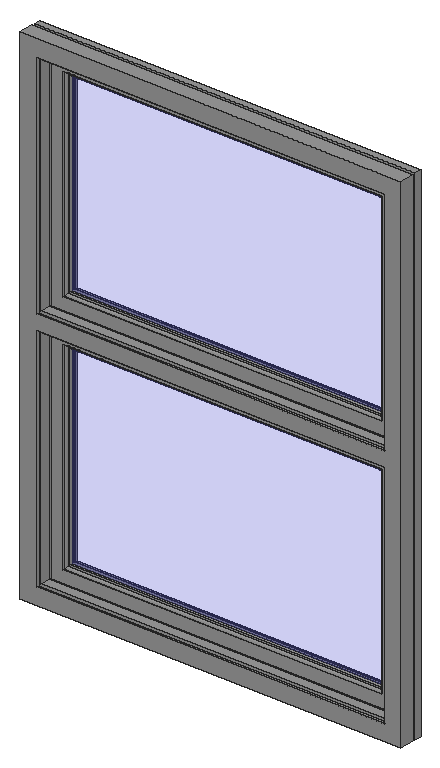
Revit family "MG9", category Windows, host Wall, Revit 2015
Parameters (values of type "MG9")
  Sash Height = 600 mm
  Height = 1200 mm
  Default Lintel Height = 2100 mm
  Wall Closure = By host
  Width = 900 mm
Reference planes
  plane 1 "Center (Front/Back)": y = 0
  plane 2 "Center (Left/Right)": x = 0
  plane 3 "Left": x = -450
  plane 4 "Right": x = 450
  plane 5 "Sill": z = 900
  plane 6 "Head": z = 2100
  plane 7 "Exterior": y = 100
  plane 8 "Interior": y = -100
  plane 9: y = -28.5
  plane 10: y = 23.5
  plane 11: z = 1500
Forms (mm)
  Sweep 1, solid, material "Lauan, Meranti"
    path origin (0, 100, 0) x (1, 0, 0) y (0, 0, 1)
      loop
        line (450, 2100) -> (-450, 2100) -> (-450, 900) -> (450, 900) -> (450, 2100)
    profile origin (0, 100, 2100) x (0, 0, -1) y (0, -1, 0)
      loop
        line (0, 71.5) -> (29, 71.5) -> (29, 96.5) -> (37.5, 96.5) -> (37.5, 102.5) -> (40.5, 102.5) -> (40.5, 96.5) -> (44, 96.5) -> (44, 122.5) -> (39, 122.5) -> (39, 128.5) -> (0, 128.5) -> (0, 94.5) -> (10, 94.5) -> (10, 86.5) -> (0, 86.5) -> (0, 71.5)
  Sweep 2, solid, material "Rubber"
    path origin (-10500, 23.5, 2100) x (0, 0, -1) y (-1, 0, 0)
      loop
        line (29, -10921) -> (593, -10921) -> (593, -10079) -> (29, -10079) -> (29, -10921)
    profile origin (0, 23.5, 2071) x (0, 0, 1) y (0, 1, 0)
      loop
        line (-5, -17) -> (-10, -15) -> (-15, -17) -> (-15, -20) -> (-11, -20) -> (-11, -22.43) -> (-12, -22.43) -> (-11, -22.698) -> (-11, -24.464) -> (-12, -24.464) -> (-10, -25) -> (-8, -24.464) -> (-9, -24.464) -> (-9, -22.698) -> (-8, -22.43) -> (-9, -22.43) -> (-9, -20) -> (-5, -20) -> (-5, -17)
  Sweep 3, solid, material "Rubber"
    path origin (-10500, 23.5, 1522) x (0, 0, -1) y (-1, 0, 0)
      loop
        line (29, -10921) -> (593, -10921) -> (593, -10079) -> (29, -10079) -> (29, -10921)
    profile origin (0, 23.5, 1493) x (0, 0, 1) y (0, 1, 0)
      loop
        line (-5, -17) -> (-10, -15) -> (-15, -17) -> (-15, -20) -> (-11, -20) -> (-11, -22.43) -> (-12, -22.43) -> (-11, -22.698) -> (-11, -24.464) -> (-12, -24.464) -> (-10, -25) -> (-8, -24.464) -> (-9, -24.464) -> (-9, -22.698) -> (-8, -22.43) -> (-9, -22.43) -> (-9, -20) -> (-5, -20) -> (-5, -17)
  Sweep 4, solid, material "Lauan, Meranti"
    path origin (-10500, 23.5, 2100) x (0, 0, -1) y (-1, 0, 0)
      loop
        line (29, -10921) -> (593, -10921) -> (593, -10079) -> (29, -10079) -> (29, -10921)
    profile origin (0, 23.5, 2071) x (0, 0, 1) y (0, 1, 0)
      loop
        line (5, 5) -> (5, 19)
        arc (5, 19) -> (3.242, 23.243) -> (-1, 25) r 6
        line (-1, 25) -> (-43, 25) -> (-43, 0) -> (-52, 0) -> (-52, -8) -> (-49, -8)
        arc (-49, -8) -> (-47.243, -12.243) -> (-43, -14) r 6
        line (-43, -14) -> (-43, -17) -> (-10, -17) -> (-10, -13) -> (-12, -13) -> (-12, -8) -> (-14, -7.464) -> (-14, -2.536) -> (-12, -2) -> (-12, 5) -> (5, 5)
  Sweep 5, solid, material "Lauan, Meranti"
    path origin (-10500, 23.5, 1522) x (0, 0, -1) y (-1, 0, 0)
      loop
        line (29, -10921) -> (593, -10921) -> (593, -10079) -> (29, -10079) -> (29, -10921)
    profile origin (0, 23.5, 1493) x (0, 0, 1) y (0, 1, 0)
      loop
        line (5, 5) -> (5, 19)
        arc (5, 19) -> (3.242, 23.243) -> (-1, 25) r 6
        line (-1, 25) -> (-43, 25) -> (-43, 0) -> (-52, 0) -> (-52, -8) -> (-49, -8)
        arc (-49, -8) -> (-47.243, -12.243) -> (-43, -14) r 6
        line (-43, -14) -> (-43, -17) -> (-10, -17) -> (-10, -13) -> (-12, -13) -> (-12, -8) -> (-14, -7.464) -> (-14, -2.536) -> (-12, -2) -> (-12, 5) -> (5, 5)
  Extrusion 6, solid, material "Glass"
    sketch origin (-10500, 23.5, 2100) x (0, 0, -1) y (-1, 0, 0)
      loop
        line (72, -10878) -> (550, -10878) -> (550, -10122) -> (72, -10122) -> (72, -10878)
      loop
        line (650, -10878) -> (1128, -10878) -> (1128, -10122) -> (650, -10122) -> (650, -10878)
    from 0 to 6.4
  Sweep 7, solid, material "Lauan, Meranti"
    path origin (0, 100, 0) x (1, 0, 0) y (0, 0, 1)
      loop
        line (378, 2028) -> (-378, 2028) -> (-378, 1550) -> (378, 1550) -> (378, 2028)
    profile origin (0, 100, 2028) x (0, 0, -1) y (0, -1, 0)
      loop
        arc (0, 62.1) -> (4.67, 63.734) -> (7, 68.1) r 6.807
        line (7, 68.1) -> (9, 68.1) -> (9, 70.1) -> (0, 70.1) -> (0, 62.1)
  Sweep 8, solid, material "Lauan, Meranti"
    path origin (0, 100, -578) x (1, 0, 0) y (0, 0, 1)
      loop
        line (378, 2028) -> (-378, 2028) -> (-378, 1550) -> (378, 1550) -> (378, 2028)
    profile origin (0, 100, 1450) x (0, 0, -1) y (0, -1, 0)
      loop
        arc (0, 62.1) -> (4.67, 63.734) -> (7, 68.1) r 6.807
        line (7, 68.1) -> (9, 68.1) -> (9, 70.1) -> (0, 70.1) -> (0, 62.1)
  Extrusion 9, solid, material "Lauan, Meranti"
    sketch origin (-92, 0, 839) x (0, -1, 0) y (0, 0, 1)
      loop
        line (28.5, 644) -> (28.5, 678) -> (22.5, 678) -> (22.5, 683) -> (-3.5, 683) -> (-3.5, 679.5) -> (2.5, 679.5) -> (2.5, 676.5) -> (-3.5, 676.5) -> (-3.5, 668) -> (-28.5, 668) -> (-28.5, 654) -> (-3.5, 654) -> (-3.5, 645.5) -> (2.5, 645.5) -> (2.5, 642.5) -> (-3.5, 642.5) -> (-3.5, 639) -> (22.5, 639) -> (22.5, 644) -> (28.5, 644)
    from -513 to 329
Cuts and joins
  joined: Sweep 1, Extrusion 9
Lines and regions (mm)
  Opening 1
    outline origin (3500, -100, 0) x (1, 0, 0) y (0, 0, 1)
      loop
        line (-3050, 900) -> (-3050, 2100) -> (-3950, 2100) -> (-3950, 900) -> (-3050, 900)
  model lines
    curve 1: line (426, 48.5, 2076) -> (0, 48.5, 1502)
    curve 2: line (0, 48.5, 1502) -> (-426.082, 48.5, 2076.08)
    curve 3: line (426, 48.5, 1498) -> (0, 48.5, 924)
    curve 4: line (0, 48.5, 924) -> (-426.082, 48.5, 1498.08)
Text (mm)
  text "EXTERIOR" at (-1963.203, 1332.353, 0), in view "Ref. Level"
  text "INTERIOR" at (-1981.466, -818.386, 0), in view "Ref. Level"
  text "Exterior" at (0, 923.751, 2943.296), in view "Right"
  text "Exterior" at (0, 1040.484, 2685.409), in view "Left"
Dimensions and locks
  equal spacing: plane 3 "Left", plane 2 "Center (Left/Right)", plane 4 "Right"
  "Width": plane 3 "Left" to plane 4 "Right"
  "Height": plane 5 "Sill" to plane 6 "Head"
  "Default Lintel Height": plane 6 "Head" to level
  locked: plane 7 "Exterior" to host wall at 0
  locked: plane 8 "Interior" to host wall
  locked: plane 10 to plane 9 at 52
  "Sash Height": plane 11 to plane 6 "Head"
  aligned and locked: Sweep 1 sketch curve to host wall  (x4)
  aligned and locked: Sweep 2 sketch curve to Sweep 1
  aligned and locked: Sweep 1 to Sweep 2 sketch curve
  aligned and locked: Sweep 3 sketch curve to Sweep 1  (x2)
  aligned and locked: Sweep 1 to Sweep 3 sketch curve
  aligned and locked: Sweep 4 sketch curve to Sweep 1
  aligned and locked: Sweep 1 to Sweep 4 sketch curve
  aligned and locked: Sweep 1 to Sweep 5 sketch curve
  aligned and locked: Sweep 5 sketch curve to Sweep 1  (x2)
  aligned and locked: Extrusion 6 sketch curve to Sweep 4  (x4)
  aligned and locked: Extrusion 6 sketch curve to Sweep 5  (x4)
  aligned and locked: Sweep 7 sketch curve to Sweep 4  (x4)
  aligned and locked: Sweep 8 sketch curve to Sweep 5  (x4)
  aligned and locked: Extrusion 9 to Sweep 1  (x2)
Automatic sketch dimensions
  plane 3 "Left" to Opening 1 sketch curve = 0 mm
  plane 4 "Right" to Opening 1 sketch curve = 0 mm
  Opening 1 sketch curve to plane 5 "Sill" = 0 mm
  Opening 1 sketch curve to plane 6 "Head" = 0 mm
  Sweep 1 sketch curve to profile plane = 0 mm  (x2)
  Sweep 1 sketch curve to profile plane = 10 mm
  Sweep 1 sketch curve to Sweep 1 sketch curve = 19 mm
  Sweep 1 sketch curve to Sweep 1 sketch curve = 8.5 mm
  Sweep 1 sketch curve to Sweep 1 sketch curve = 1.5 mm
  Sweep 1 sketch curve to Sweep 1 sketch curve = 3 mm
  Sweep 1 sketch curve to Sweep 1 sketch curve = 3.5 mm
  plane 7 "Exterior" to Sweep 1 sketch curve = 71.5 mm
  Sweep 1 sketch curve to Sweep 1 sketch curve = 15 mm
  Sweep 1 sketch curve to Sweep 1 sketch curve = 8 mm
  Sweep 1 sketch curve to Sweep 1 sketch curve = 25 mm
  Sweep 1 sketch curve to Sweep 1 sketch curve = 0 mm
  Sweep 1 sketch curve to Sweep 1 sketch curve = 6 mm
  Sweep 1 sketch curve to Sweep 1 sketch curve = 20 mm
  Sweep 1 sketch curve to Sweep 1 sketch curve = 34 mm
  plane 2 "Center (Left/Right)" to curve 2 = 0 mm
  plane 2 "Center (Left/Right)" to curve 4 = 0 mm
  curve 3 to plane 5 "Sill" = 24 mm
  curve 1 to plane 11 = 2 mm
  plane 11 to curve 4 = 1.92 mm
  curve 4 to plane 3 "Left" = 23.918 mm
  curve 2 to plane 3 "Left" = 23.918 mm
  plane 11 to curve 3 = 2 mm
  plane 4 "Right" to curve 3 = 24 mm
  plane 4 "Right" to curve 1 = 24 mm
  plane 6 "Head" to curve 1 = 24 mm
  plane 6 "Head" to curve 2 = 23.92 mm
  Sweep 2 sketch curve to plane 11 = 7 mm
  Sweep 2 sketch curve to plane 3 "Left" = 29 mm
  profile plane to Sweep 2 sketch curve = 15 mm
  Sweep 2 sketch curve to Sweep 2 sketch curve = 3 mm  (x3)
  Sweep 2 sketch curve to Sweep 2 sketch curve = 0 mm  (x2)
  Sweep 2 sketch curve to Sweep 2 sketch curve = 1 mm  (x7)
  Sweep 2 sketch curve to Sweep 2 sketch curve = 2 mm
  Sweep 2 sketch curve to Sweep 2 sketch curve = 4 mm
  Sweep 2 sketch curve to plane 10 = 25 mm
  Sweep 2 sketch curve to Sweep 2 sketch curve = 0.536 mm  (x2)
  Sweep 2 sketch curve to Sweep 2 sketch curve = 1.766 mm  (x2)
  Sweep 2 sketch curve to Sweep 2 sketch curve = 0.268 mm  (x2)
  Sweep 2 sketch curve to Sweep 2 sketch curve = 2.43 mm
  Sweep 2 sketch curve to Sweep 2 sketch curve = 5 mm
  plane 11 to Sweep 3 sketch curve = 7 mm
  profile plane to Sweep 3 sketch curve = 15 mm
  Sweep 3 sketch curve to Sweep 3 sketch curve = 3 mm  (x3)
  Sweep 3 sketch curve to Sweep 3 sketch curve = 0 mm  (x2)
  Sweep 3 sketch curve to Sweep 3 sketch curve = 1 mm  (x7)
  Sweep 3 sketch curve to Sweep 3 sketch curve = 2 mm
  Sweep 3 sketch curve to Sweep 3 sketch curve = 4 mm
  Sweep 3 sketch curve to plane 10 = 25 mm
  Sweep 3 sketch curve to Sweep 3 sketch curve = 0.536 mm  (x2)
  Sweep 3 sketch curve to Sweep 3 sketch curve = 1.766 mm  (x2)
  Sweep 3 sketch curve to Sweep 3 sketch curve = 0.268 mm  (x2)
  Sweep 3 sketch curve to Sweep 3 sketch curve = 2.43 mm
  Sweep 3 sketch curve to Sweep 3 sketch curve = 5 mm
  Sweep 4 sketch curve to plane 11 = 7 mm
  Sweep 4 sketch curve to plane 3 "Left" = 29 mm
  Sweep 4 sketch curve to plane 10 = 0 mm
  profile plane to Sweep 4 sketch curve = 52 mm
  Sweep 4 sketch curve to Sweep 4 sketch curve = 3 mm  (x2)
  Sweep 4 sketch curve to Sweep 4 sketch curve = 9 mm
  Sweep 4 sketch curve to Sweep 4 sketch curve = 6 mm
  Sweep 4 sketch curve to plane 10 = 2.536 mm
  profile plane to Sweep 4 sketch curve = 14 mm
  Sweep 4 sketch curve to Sweep 4 sketch curve = 2 mm  (x3)
  Sweep 4 sketch curve to plane 10 = 2 mm
  profile plane to Sweep 4 sketch curve = 1 mm
  Sweep 4 sketch curve to profile plane = 5 mm
  Sweep 4 sketch curve to Sweep 4 sketch curve = 4.928 mm
  Sweep 4 sketch curve to Sweep 4 sketch curve = 8 mm
  Sweep 4 sketch curve to Sweep 4 sketch curve = 0.536 mm
  Sweep 4 sketch curve to Sweep 4 sketch curve = 5 mm
  plane 10 to Sweep 4 sketch curve = 5 mm
  Sweep 4 sketch curve to Sweep 4 sketch curve = 14 mm
  plane 11 to Sweep 5 sketch curve = 7 mm
  Sweep 5 sketch curve to plane 10 = 0 mm
  profile plane to Sweep 5 sketch curve = 52 mm
  Sweep 5 sketch curve to Sweep 5 sketch curve = 3 mm  (x2)
  Sweep 5 sketch curve to Sweep 5 sketch curve = 9 mm
  Sweep 5 sketch curve to Sweep 5 sketch curve = 6 mm
  Sweep 5 sketch curve to plane 10 = 2.536 mm
  profile plane to Sweep 5 sketch curve = 14 mm
  Sweep 5 sketch curve to Sweep 5 sketch curve = 2 mm  (x3)
  Sweep 5 sketch curve to plane 10 = 2 mm
  profile plane to Sweep 5 sketch curve = 1 mm
  Sweep 5 sketch curve to profile plane = 5 mm
  Sweep 5 sketch curve to Sweep 5 sketch curve = 4.928 mm
  Sweep 5 sketch curve to Sweep 5 sketch curve = 8 mm
  Sweep 5 sketch curve to Sweep 5 sketch curve = 0.536 mm
  Sweep 5 sketch curve to Sweep 5 sketch curve = 5 mm
  plane 10 to Sweep 5 sketch curve = 5 mm
  Sweep 5 sketch curve to Sweep 5 sketch curve = 14 mm
  Sweep 7 sketch curve to profile plane = 0 mm
  Sweep 7 sketch curve to profile plane = 0.241 mm
  Sweep 7 sketch curve to Sweep 7 sketch curve = 6.759 mm
  Sweep 7 sketch curve to Sweep 7 sketch curve = 2 mm  (x2)
  plane 7 "Exterior" to Sweep 7 sketch curve = 62.1 mm
  Sweep 7 sketch curve to Sweep 7 sketch curve = 6 mm
  Sweep 8 sketch curve to profile plane = 0 mm
  Sweep 8 sketch curve to profile plane = 0.241 mm
  Sweep 8 sketch curve to Sweep 8 sketch curve = 6.759 mm
  Sweep 8 sketch curve to Sweep 8 sketch curve = 2 mm  (x2)
  plane 7 "Exterior" to Sweep 8 sketch curve = 62.1 mm
  Sweep 8 sketch curve to Sweep 8 sketch curve = 6 mm
  Extrusion 9 sketch curve to plane 9 = 0 mm
  plane 9 to Extrusion 9 sketch curve = 6 mm  (x2)
  host wall to Extrusion 9 sketch curve = 2.5 mm  (x2)
  Extrusion 9 sketch curve to host wall = 3.5 mm  (x3)
  Extrusion 9 sketch curve to Extrusion 9 sketch curve = 0 mm
  plane 10 to Extrusion 9 sketch curve = 5 mm
  plane 11 to Extrusion 9 sketch curve = 22 mm
  Extrusion 9 sketch curve to Extrusion 9 sketch curve = 3.5 mm
  Extrusion 9 sketch curve to Extrusion 9 sketch curve = 5 mm  (x2)
  Extrusion 9 sketch curve to Extrusion 9 sketch curve = 3 mm  (x2)
  plane 11 to Extrusion 9 sketch curve = 7 mm
  Extrusion 9 sketch curve to plane 11 = 7 mm
  Extrusion 9 sketch curve to Extrusion 9 sketch curve = 8.5 mm
  Extrusion 9 sketch curve to plane 11 = 17 mm
